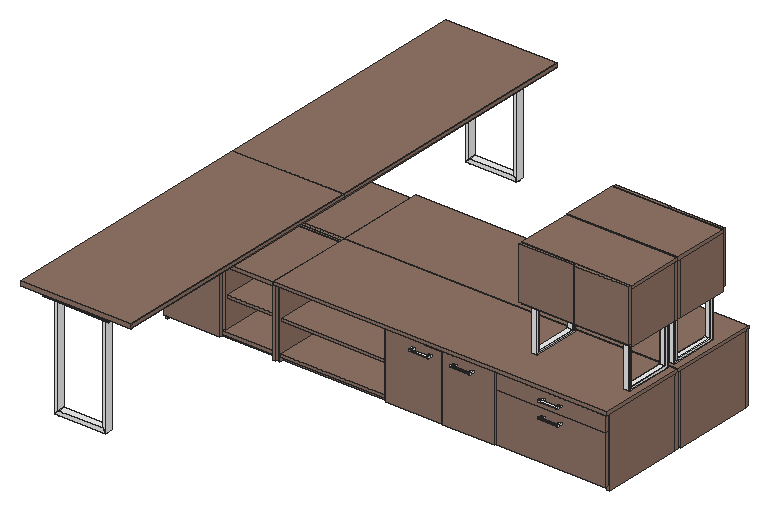
Revit family "VV021family", category Furniture, Revit 2015 (continued)
Definition of nested family "JSI-Vision-OH_Cab-27_Post"
  Forms (in)
    Extrusion 2, solid, material <- "Chassis"
      sketch origin (0, 0, 0) x (1, 0, 0) y (0, 1, 0)
        loop
          line (29.875, -0.875) -> (29.125, -0.875) -> (29.125, -15.375) -> (29.875, -15.375) -> (29.875, -0.875)
      from 41.8125 to 56.0625
    Extrusion 3, solid, material <- "Chassis"
      sketch origin (0, 0, 0) x (1, 0, 0) y (0, 1, 0)
        loop
          line (0.125, -0.125) -> (0.125, -0.875) -> (29.875, -0.875) -> (29.875, -0.125) -> (0.125, -0.125)
      from 41.8125 to 56.0625
    Extrusion 4, solid, material <- "Chassis", visible <- "Vetical Partition"
      sketch origin (0, 0, 0) x (1, 0, 0) y (0, 1, 0)
        loop
          line (14.625, -0.875) -> (14.625, -15.3125) -> (15.375, -15.3125) -> (15.375, -0.875) -> (14.625, -0.875)
      from 43.5625 to 56.0625
    Extrusion 5, solid, material <- "Chassis"
      sketch origin (0, 0, 0) x (0, 1, 0) y (0, 0, 1)
        loop
          line (-0.875, 43.5625) -> (-15.3125, 43.5625) -> (-15.3125, 42.8125) -> (-0.875, 42.8125) -> (-0.875, 43.5625)
      from 0.875 to 29.125
    Extrusion 6, solid, material <- "Top"
      sketch origin (0, 0, 0) x (0, 1, 0) y (0, 0, 1)
        loop
          line (-0.09375, 56.8125) -> (-15.40625, 56.8125) -> (-15.40625, 56.0625) -> (-0.09375, 56.0625) -> (-0.09375, 56.8125)
      from 0.09375 to 29.90625
    Extrusion 7, solid, material <- "Chassis"
      sketch origin (0, 0, 0) x (0, 1, 0) y (0, 0, 1)
        loop
          line (-14.5, 42.8125) -> (-15.25, 42.8125) -> (-15.25, 41.8125) -> (-14.5, 41.8125) -> (-14.5, 42.8125)
      from 0.875 to 29.125
    Extrusion 8, solid, material <- "Door Front"
      sketch origin (-3.0625, 0, -10) x (1, 0, 0) y (0, 1, 0)
        loop
          line (3.25, -15.5) -> (3.25, -16.25) -> (18, -16.25) -> (18, -15.5) -> (3.25, -15.5)
      from 52.6875 to 66.8125
    Extrusion 9, solid, material <- "Door Front"
      sketch origin (11.8125, 0, -10) x (1, 0, 0) y (0, 1, 0)
        loop
          line (3.25, -15.5) -> (3.25, -16.25) -> (18, -16.25) -> (18, -15.5) -> (3.25, -15.5)
      from 52.6875 to 66.8125
    Extrusion 10, solid, material <- "Support Leg"
      sketch origin (0, 0, 0) x (1, 0, 0) y (0, 1, 0)
        loop
          line (1.75, -1.125) -> (1.75, -3.125) -> (4.25, -3.125) -> (4.25, -1.125) -> (1.75, -1.125)
        loop
          line (25.75, -1.125) -> (25.75, -3.125) -> (28.25, -3.125) -> (28.25, -1.125) -> (25.75, -1.125)
        loop
          line (25.75, -12.125) -> (25.75, -14.125) -> (28.25, -14.125) -> (28.25, -12.125) -> (25.75, -12.125)
        loop
          line (1.75, -12.125) -> (1.75, -14.125) -> (4.25, -14.125) -> (4.25, -12.125) -> (1.75, -12.125)
      from 42.625 to 42.8125
    Sweep 11, solid, material <- "Support Leg"
      path origin (1.75, 60, 48) x (0, 1, 0) y (0, 0, 1)
        loop
          line (-61.125, -5.375) -> (-61.125, -18) -> (-74.125, -18) -> (-74.125, -5.375)
      profile origin (1.75, -1.125, 36.3125) x (1, 0, 0) y (0, 1, 0)
        loop
          arc (0.125, 0) -> (0.0366117, -0.0366117) -> (0, -0.125) r 0.125
          line (0, -0.125) -> (0, -0.625)
          arc (0, -0.625) -> (0.0366117, -0.7133883) -> (0.125, -0.75) r 0.125
          line (0.125, -0.75) -> (1.375, -0.75)
          arc (1.375, -0.75) -> (1.4633883, -0.7133883) -> (1.5, -0.625) r 0.125
          line (1.5, -0.625) -> (1.5, -0.125)
          arc (1.5, -0.125) -> (1.4633883, -0.0366117) -> (1.375, 0) r 0.125
          line (1.375, 0) -> (0.125, 0)
    Sweep 12, solid, material <- "Support Leg"
      path origin (28.25, 60, 48) x (0, 1, 0) y (0, 0, 1)
        loop
          line (-61.125, -5.375) -> (-61.125, -18) -> (-74.125, -18) -> (-74.125, -5.375)
      profile origin (28.25, -14.125, 36.3125) x (0, -1, 0) y (1, 0, 0)
        loop
          arc (0, -0.125) -> (-0.0366117, -0.0366117) -> (-0.125, 0) r 0.125
          line (-0.125, 0) -> (-0.625, 0)
          arc (-0.625, 0) -> (-0.7133883, -0.0366117) -> (-0.75, -0.125) r 0.125
          line (-0.75, -0.125) -> (-0.75, -1.375)
          arc (-0.75, -1.375) -> (-0.7133883, -1.4633883) -> (-0.625, -1.5) r 0.125
          line (-0.625, -1.5) -> (-0.125, -1.5)
          arc (-0.125, -1.5) -> (-0.0366117, -1.4633883) -> (0, -1.375) r 0.125
          line (0, -1.375) -> (0, -0.125)
  Lines and regions (in)
    symbolic lines
      curve 1: line (29.875, -0.125, 0) -> (0.125, -0.125, 0)
      curve 2: line (0.125, -0.125, 0) -> (0.125, -15.375, 0)
      curve 3: line (29.875, -0.125, 0) -> (29.875, -15.375, 0)
      curve 4: line (29.875, -15.375, 0) -> (0.125, -15.375, 0)
      curve 5: line (14.9375, -15.5, 0) -> (0.1875, -15.5, 0)
      curve 6: line (0.1875, -15.5, 0) -> (0.1875, -16.25, 0)
      curve 7: line (0.1875, -16.25, 0) -> (14.9375, -16.25, 0)
      curve 8: line (14.9375, -16.25, 0) -> (14.9375, -15.5, 0)
      curve 9: line (29.8125, -15.5, 0) -> (15.0625, -15.5, 0)
      curve 10: line (15.0625, -15.5, 0) -> (15.0625, -16.25, 0)
      curve 11: line (15.0625, -16.25, 0) -> (29.8125, -16.25, 0)
      curve 12: line (29.8125, -16.25, 0) -> (29.8125, -15.5, 0)
  Dimensions and locks (in)
    locked: plane 3 "Center Left/Right" to plane 6 at 0.125
    "Width": plane 3 "Center Left/Right" to plane 7
    locked: plane 8 to plane 7 at 0.125
    "Depth": plane 9 to plane 1 "Center Front/Back"
    locked: plane 9 to plane 10 at 0.625
    locked: plane 11 to plane 10 at 0.125
    locked: plane 12 to plane 11 at 0.75
    locked: plane 5 to plane 1 "Center Front/Back" at 0.125
    locked: plane 15 to plane 5 at 0.75
    locked: plane 6 to plane 13 at 0.75
    locked: plane 14 to plane 8 at 0.75
    "Unit Centre": plane 3 "Center Left/Right" to plane 16
    locked: plane 17 to plane 18 at 0.1875
    locked: plane 18 to plane 19 at 0.75
    plane 22 to plane 20 to plane 21 = 0' - 0 3/4" locked, 0' - 1" locked
    "Height": plane 17 to plane 23
    "OH Elevation": plane 23 to plane 4
    "Overhead Height": plane 20 to plane 23
    plane 21 to plane 23 = 0' - 11 13/16"  (x2)
    locked: plane 6 to plane 24 at 0.0625
    locked: plane 25 to plane 8 at 0.0625
    locked: plane 20 to plane 27 at 0.1875
    locked: plane 30 to plane 6 at 0.03125
    locked: plane 8 to plane 33 at 0.03125
    locked: plane 5 to plane 31 at 0.03125
    locked: plane 32 to plane 10 at 0.03125
    plane 10 to plane 34 to plane 35 = 0' - 0 1/8" locked, 0' - 0 3/4" locked
    plane 37 to plane 36 to plane 38 = 0' - 0 1/16" locked, 0' - 0 1/16" locked
    "Door Width": Extrusion 8 sketch curve to Extrusion 8 sketch curve
    "Door Width": Extrusion 9 sketch curve to Extrusion 9 sketch curve
    group 1 to group 2 = 1' - 2 7/8"
    group 1 to group 2 = 0' - 0"  (x2)
    "Door Width": plane 24 to plane 37
    "Door Array Spacing": Extrusion 8 to Extrusion 9
    locked: plane 20 to plane 26 at 0.125
    plane 29 to plane 39 to plane 28 = 0' - 0 3/8" locked, 0' - 0 3/8" locked
    "Verticall Partition Distance": plane 3 "Center Left/Right" to plane 39
    plane 6 to plane 40 to plane 42 = 0' - 1 5/8" locked, 0' - 2 1/2" locked
    plane 43 to plane 41 to plane 5 = 0' - 2" locked, 0' - 1" locked
    plane 45 to plane 44 to plane 8 = 0' - 2 1/2" locked, 0' - 1 5/8" locked
    locked: plane 10 to plane 46 at 0.0625
    plane 10 to plane 47 to plane 48 = 0' - 1 1/4" locked, 0' - 2" locked
    locked: Sweep 11 sketch curve to Sweep 11 sketch curve at 0.75
    locked: Sweep 11 sketch curve to Sweep 11 sketch curve at 1.5
    locked: Sweep 12 sketch curve to Sweep 12 sketch curve at 1.5
    locked: Sweep 12 sketch curve to Sweep 12 sketch curve at 0.75
    aligned and locked: level to plane 2
    aligned and locked: plane 6 to Extrusion 1 sketch curve
    aligned and locked: Extrusion 1 sketch curve to plane 10
    aligned and locked: Extrusion 1 sketch curve to plane 13
    aligned and locked: plane 8 to Extrusion 2 sketch curve
    aligned and locked: plane 10 to Extrusion 2 sketch curve
    aligned and locked: Extrusion 2 sketch curve to plane 14
    aligned and locked: plane 15 to Extrusion 1 sketch curve
    aligned and locked: Extrusion 2 sketch curve to plane 15
    aligned and locked: plane 5 to Extrusion 3 sketch curve
    aligned and locked: plane 6 to Extrusion 3 sketch curve
    aligned and locked: Extrusion 3 sketch curve to Extrusion 2  (x2)
    aligned and locked: plane 15 to Extrusion 4 sketch curve
    aligned and locked: plane 29 to Extrusion 4 sketch curve
    aligned and locked: Extrusion 4 sketch curve to plane 28
    aligned and locked: plane 19 to Extrusion 1
    aligned and locked: Extrusion 1 to plane 21
    aligned and locked: plane 19 to Extrusion 2
    aligned and locked: Extrusion 2 to plane 21
    aligned and locked: plane 19 to Extrusion 4
    aligned and locked: plane 19 to Extrusion 3
    aligned and locked: Extrusion 3 to plane 21
    aligned and locked: plane 22 to Extrusion 5 sketch curve
    aligned and locked: Extrusion 5 sketch curve to plane 15
    aligned and locked: Extrusion 5 sketch curve to plane 20
    aligned and locked: Extrusion 5 to plane 13
    aligned and locked: plane 14 to Extrusion 5
    aligned and locked: Extrusion 4 to plane 22
    aligned and locked: plane 18 to Extrusion 6 sketch curve
    aligned and locked: Extrusion 6 sketch curve to plane 31
    aligned and locked: plane 32 to Extrusion 6 sketch curve
    aligned and locked: plane 19 to Extrusion 6 sketch curve
    aligned and locked: Extrusion 6 to plane 30
    aligned and locked: plane 33 to Extrusion 6
    aligned and locked: plane 35 to Extrusion 7 sketch curve
    aligned and locked: Extrusion 7 sketch curve to plane 34
    aligned and locked: plane 21 to Extrusion 7 sketch curve
    aligned and locked: Extrusion 7 sketch curve to plane 20
    aligned and locked: Extrusion 7 to plane 13
    aligned and locked: plane 14 to Extrusion 7
    aligned and locked: Extrusion 8 to plane 24
    aligned and locked: plane 18 to Extrusion 8
    aligned and locked: plane 18 to Extrusion 9
    aligned and locked: Extrusion 8 to plane 18
    aligned and locked: Extrusion 9 to plane 18  (x2)
    aligned and locked: plane 18 to Extrusion 6
    aligned and locked: Extrusion 5 sketch curve to plane 46
    aligned and locked: Extrusion 4 sketch curve to plane 46
    aligned and locked: plane 41 to Extrusion 10 sketch curve  (x2)
    aligned and locked: plane 40 to Extrusion 10 sketch curve  (x2)
    aligned and locked: Extrusion 10 sketch curve to plane 43  (x2)
    aligned and locked: Extrusion 10 sketch curve to plane 42  (x2)
    aligned and locked: plane 45 to Extrusion 10 sketch curve  (x2)
    aligned and locked: Extrusion 10 sketch curve to plane 44  (x2)
    aligned and locked: plane 48 to Extrusion 10 sketch curve  (x2)
    aligned and locked: Extrusion 10 sketch curve to plane 47  (x2)
    aligned and locked: plane 20 to Extrusion 10
    aligned and locked: Extrusion 10 to plane 27
    aligned and locked: plane 41 to Sweep 11 sketch curve
    aligned and locked: plane 47 to Sweep 11 sketch curve
    aligned and locked: plane 27 to Sweep 11 sketch curve  (x2)
    aligned and locked: profile plane to Sweep 11 sketch curve  (x2)
    aligned and locked: Sweep 11 sketch curve to plane 23
    aligned and locked: Sweep 12 sketch curve to plane 47
    aligned and locked: Sweep 12 sketch curve to plane 41
    aligned and locked: Sweep 12 sketch curve to plane 23
    aligned and locked: plane 27 to Sweep 12 sketch curve  (x2)
    aligned and locked: profile plane to Sweep 12 sketch curve
    aligned and locked: Sweep 12 sketch curve to profile plane
    aligned and locked: curve 1 to plane 5
    aligned and locked: curve 2 to plane 6
    aligned and locked: curve 3 to plane 8
    aligned and locked: curve 4 to plane 10
    aligned and locked: curve 5 to Extrusion 8
    aligned and locked: curve 6 to Extrusion 8
    aligned and locked: curve 7 to Extrusion 8
    aligned and locked: curve 8 to Extrusion 8
    aligned and locked: curve 9 to Extrusion 9
    aligned and locked: curve 10 to Extrusion 9
    aligned and locked: curve 11 to Extrusion 9
    aligned and locked: curve 12 to Extrusion 9
    aligned and locked: plane 16 to nested 1
    aligned and locked: plane 12 to nested 1
  Automatic sketch dimensions
    Extrusion 8 sketch curve to Extrusion 8 sketch curve = 0' - 0 3/4"
    Extrusion 9 sketch curve to Extrusion 9 sketch curve = 0' - 0 3/4"
    profile plane to Sweep 12 sketch curve = 0' - 0 1/8"  (x2)
    curve 6 to curve 6 = 0' - 0 3/4"
    curve 6 to curve 7 = 1' - 2 3/4"
    curve 10 to curve 10 = 0' - 0 3/4"
    curve 10 to curve 11 = 1' - 2 3/4"
    plane 40 to Sweep 11 sketch curve = 0' - 0 1/8"  (x2)
    Sweep 11 sketch curve to Sweep 11 sketch curve = 0' - 0 1/8"  (x2)
    Sweep 12 sketch curve to Sweep 12 sketch curve = 0' - 0 1/8"  (x2)
  Nested families (in)
    nested 1: "Label 1-16 OH" at (15, -16.25, 0), type "OH DOORS"
  Definition of nested family "Label 1-16 OH"
    Parameters
      Width = 0' - 1"
      Model Name = "XX"
    Reference planes (in)
      plane 1: y = 0
      plane 2: x = 0
    Text (in)
      label "XX" at (0.0005059, -0.1232411, 0), shows "Model Name"
